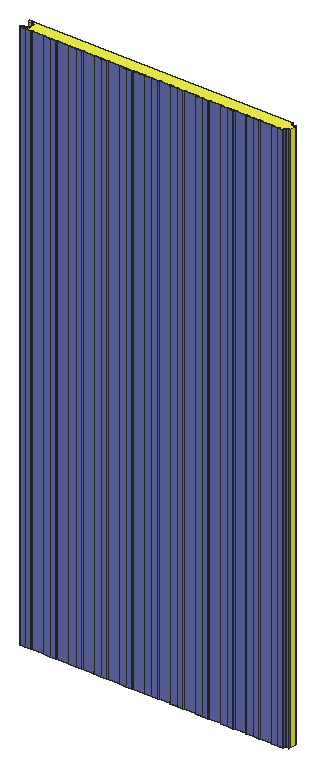
Revit family "ASSAN_1000W_Prefabricated_0,5-0,4_T", category Curtain Panels, Revit 2019
Family settings
  OmniClass Number = 23.25.20.14.11.11.17
  OmniClass Title = Infill Panels
  Always vertical = Yes
  Cut with Voids When Loaded = No
  Shared = No
Parameters (values of type "ASSAN_1000W_Prefabricated_0,5-0,4_T50")
  width  (mm) = "1000-1149"  # constant formula
  minimum size  (m) = "3"  # constant formula
  maximum size (m) = "Depends on shipping conditions"  # constant formula
  Water absorption (EN ISO 354) = "By Volume 2%  (168 hours)"  # constant formula
  Water Vapor Diffusion (EN 12086) = ""
  Version number = "Assan_1000_W_Prefabricated"  # constant formula
  Vapor Diffusion Resistance (EN 12086) = "30-100"  # constant formula
  Uniformat II Description = ""
  Uniformat II Code = ""
  Uniclass 2015 Name = "Structural insulated wall panels"
  Uniclass 2015 Code = "Pr_20_93_85_84"
  Uniclass 2.0 Description = "Structural insulated wall panels"
  Uniclass 2.0 Code = "Pr_20_93_85_84"
  Uniclass 1.4 Description = ""
  Uniclass 1.4 Code = ""
  URL = "https://www.assanpanel.com.tr/en/"
  UNSPSC Code = ""
  Type Comments = "Prepainted Galvanized Steel Structure"  # constant formula
  Thicknes = 50 mm
  Temperature Resistance = "-200 /+110 ºC"  # constant formula
  Technical description = "https://www.assanpanel.com.tr/en/urunler/sandvic-paneller/cephe-panelleri/w-prefabrik"
  Sound insulation Rw[Db]≥ = ""
  Rockwool Density (kg/m3) = ""
  Production Site = "İstanbul-İskenderun"  # constant formula
  Painted Type = Plastisol : Plastisol
  Metal Sheet Type = Galvanized : Galvanized
  Internal Colour = RAL 6050
  Internal  Metal Thickness = 0,3 : 0,3
  Insulation Core Material = Assan PUR : Assan PUR
  Hot Dip Coating Quantity(EN 10327) (gr/m2) = Z70 : Z70
  Flammability Class (EN 13501) = "B. S2 . d0"  # constant formula
  Finish = "ASSAN IPN"
  External Metal Thickness = 0,3 : 0,3
  External Colour = RAL 5010
  Region = "ALL"  # constant formula
  Ral Code = "All colors available.Please enter the desired color code\r\n\r\n@  :  7032"
  QR code = "https://www.assanpanel.com.tr/en/urunler/sandvic-paneller/cephe-panelleri/w-prefabrik"
  Product group = "Insulated Panels"  # constant formula
  Product family = "Wall Panel"  # constant formula
  Product data url = "https://www.assanpanel.com.tr/-/media/files/pdf/urunler/sandivic-paneller/cephe-paneli/en/w-prefabrik.ashx"
  Product certification = "https://www.assanpanel.com.tr/en/kutuphane/sertifikalarimiz"
  Polyurethane Density (EN 1602  (kg/m3) = "40 (±2)"  # constant formula
  Panel orientation = "Wall-  panel vertical"  # constant formula
  OmniClass Description = ""
  OmniClass Code = ""
  NBS Reference Description = "Insulated Wall"
  NBS Reference Code = "60-88-84"
  Model name = "ASSAN_1000_W-Prefabricated"  # constant formula
  Masterformat 2014 Description = ""
  Masterformat 2014 Code = ""
  Manufacturer name = "Assan Panel San. ve Tic. A.Ş."  # constant formula
  Manufacturer country = "TURKEY"  # constant formula
  Manufacturer = "Assan Panel San. ve Tic. A.Ş."  # constant formula
  Installation instructions = "https://www.assanpanel.com.tr/en/urunler/sandvic-paneller/cephe-panelleri/w-prefabrik"
  IFC Classification = "Building Element"
  Heat Transmission Coefficient λ (EN 13165) (W/Mk) = "0,022-0,024"  # constant formula
  Dimensional Stability (EN 13165) = "Level DS (TH) 11"  # constant formula
  Design country = "ISTANBUL"  # constant formula
  Date of publishing = "001"  # constant formula
  Construction Type = "1000_W_Prefabricated"
  Closed cell ratio (EN 14509) = "0,95"  # constant formula
  COBIe Type Category = ""
  BIMobject category = "Insulated panel"
Types (3, lengths in mm): name | Thicknes
  (no name) | 50
  ASSAN_1000W_Prefabricated_0,5-0,4_T40 | 40
  ASSAN_1000W_Prefabricated_0,5-0,4_T50 | 50
Reference planes
  plane 1 "Center (Front/Back)": y = 0
  plane 2: z = 0
  plane 3 "Center (Left/Right)": x = 0
  plane 4 "Left": x = -500
  plane 5 "Right": x = 500
  plane 6 "Top": z = 2100
  plane 7: y = -50
Text (mm)
  text "Exterior" at (-2351.972, 1416.179, 0), in view "Ref. Level"
  text "Exterior" at (0, 2290.741, 4406.713), in view "Left"
  text "Exterior" at (0, 1328.187, 4120.349), in view "Right"
Dimensions and locks
  equal spacing: plane 4 "Left", plane 3 "Center (Left/Right)", plane 5 "Right"
  "Thicknes": plane 7 to plane 1 "Center (Front/Back)"
  aligned and locked: level to plane 2
  aligned and locked: nested 1 to plane 1 "Center (Front/Back)"
  aligned and locked: nested 2 to plane 7
  aligned and locked: nested 2 to plane 4 "Left"
  aligned and locked: nested 1 to plane 4 "Left"
  aligned and locked: nested 1 to plane 2
  aligned and locked: nested 2 to plane 6 "Top"
  aligned and locked: nested 1 to plane 6 "Top"
  aligned and locked: plane 1 "Center (Front/Back)" to nested 3
  aligned and locked: plane 4 "Left" to nested 3
  aligned and locked: nested 3 to plane 6 "Top"
Nested families
  nested 1: "1000W_Prefabricated_T" at (6.263, 0, 0), type "1000W_Prefabricated_T"
    with H 2100 mm
  nested 2: "1000W_Prefabricated_B" at (8.45, -50, 0), type "1000W_Prefabricated_B"
    with H 2100 mm
  nested 3: "Assan PUR" at (13.596, 0, 0), type <- "Insulation Core Material", type "Assan PUR"
    with H 2100 mm
Definition of nested family "1000W_Prefabricated_T"
  Parameters (values of type "1000W_Prefabricated_T")
    Internal Colour = none
    H [instance] = 2214.315 mm
  Reference planes
    plane 1 "Center (Front/Back)": y = 0
    plane 2: z = 0
    plane 3 "Center (Left/Right)": x = 0
    plane 4: x = -506.263
    plane 5: x = 510.237
    plane 6: z = 2214.315
  Forms (mm)
    Extrusion 1, solid, material <- "Internal Colour"
      sketch origin (2.187, -24.996, 0) x (1, 0, 0) y (0, 1, 0)
        loop
          arc (-505.3, 24.996) -> (-507.527, 24.074) -> (-508.45, 21.846) r 3.15
          line (-508.45, 21.846) -> (-508.45, 19.846)
          arc (-508.45, 19.846) -> (-507.527, 17.619) -> (-505.3, 16.696) r 3.15
          line (-505.3, 16.696) -> (-493.95, 16.696)
          arc (-493.95, 16.696) -> (-491.475, 15.671) -> (-490.45, 13.18) r 3.5
          arc (-490.45, 13.18) -> (-489.425, 10.705) -> (-486.95, 9.68) r 3.5
          line (-486.95, 9.68) -> (-482.511, 9.68) -> (-482.511, 10.48) -> (-486.95, 10.48)
          arc (-486.95, 10.48) -> (-488.859, 11.27) -> (-489.65, 13.196) r 2.7
          arc (-489.65, 13.196) -> (-490.909, 16.237) -> (-493.95, 17.496) r 4.3
          line (-493.95, 17.496) -> (-505.3, 17.496)
          arc (-505.3, 17.496) -> (-506.962, 18.185) -> (-507.65, 19.846) r 2.35
          line (-507.65, 19.846) -> (-507.65, 21.846)
          arc (-507.65, 21.846) -> (-506.962, 23.508) -> (-505.3, 24.196) r 2.35
          line (-505.3, 24.196) -> (471.55, 24.196) -> (489.05, 24.196)
          arc (489.05, 24.196) -> (490.252, 23.698) -> (490.75, 22.496) r 1.7
          line (490.75, 22.496) -> (490.75, 18.746)
          arc (490.75, 18.746) -> (491.717, 16.413) -> (494.05, 15.446) r 3.3
          line (494.05, 15.446) -> (505.3, 15.446)
          arc (505.3, 15.446) -> (507.25, 13.496) -> (505.3, 11.546) r 1.95
          line (505.3, 11.546) -> (498.8, 11.546) -> (498.8, 10.746) -> (505.3, 10.746)
          arc (505.3, 10.746) -> (508.05, 13.496) -> (505.3, 16.246) r 2.75
          line (505.3, 16.246) -> (494.05, 16.246)
          arc (494.05, 16.246) -> (492.282, 16.978) -> (491.55, 18.746) r 2.5
          line (491.55, 18.746) -> (491.55, 22.496)
          arc (491.55, 22.496) -> (490.818, 24.264) -> (489.05, 24.996) r 2.5
          line (489.05, 24.996) -> (471.55, 24.996) -> (-505.3, 24.996)
      from 0 to 2214.315
  Dimensions and locks
    "H": plane 6 to plane 2
    aligned and locked: level to plane 2
    aligned and locked: Extrusion 1 to plane 2
    aligned and locked: plane 6 to Extrusion 1
  Automatic sketch dimensions
    Extrusion 1 sketch curve to Extrusion 1 sketch curve = 0 mm  (x16)
    Extrusion 1 sketch curve to plane 4 = 0 mm
    plane 1 "Center (Front/Back)" to Extrusion 1 sketch curve = 0 mm
    plane 4 to Extrusion 1 sketch curve = 0.8 mm
    Extrusion 1 sketch curve to Extrusion 1 sketch curve = 2.35 mm
    Extrusion 1 sketch curve to Extrusion 1 sketch curve = 11.35 mm
    Extrusion 1 sketch curve to Extrusion 1 sketch curve = 7 mm
    Extrusion 1 sketch curve to Extrusion 1 sketch curve = 4.439 mm
    Extrusion 1 sketch curve to plane 5 = 36.5 mm
    Extrusion 1 sketch curve to Extrusion 1 sketch curve = 17.5 mm
    Extrusion 1 sketch curve to Extrusion 1 sketch curve = 1.7 mm
    Extrusion 1 sketch curve to Extrusion 1 sketch curve = 2.5 mm
    Extrusion 1 sketch curve to Extrusion 1 sketch curve = 4.75 mm
    Extrusion 1 sketch curve to plane 5 = 2.75 mm
    Extrusion 1 sketch curve to Extrusion 1 sketch curve = 2 mm
    Extrusion 1 sketch curve to Extrusion 1 sketch curve = 3.75 mm
    Extrusion 1 sketch curve to Extrusion 1 sketch curve = 1.95 mm
    Extrusion 1 sketch curve to Extrusion 1 sketch curve = 3.5 mm
    Extrusion 1 sketch curve to Extrusion 1 sketch curve = 0.017 mm
    Extrusion 1 sketch curve to Extrusion 1 sketch curve = 2.7 mm
    Extrusion 1 sketch curve to Extrusion 1 sketch curve = 0.8 mm
Definition of nested family "1000W_Prefabricated_B"
  Parameters (values of type "1000W_Prefabricated_B")
    H [instance] = 2214.315 mm
    External Colour = none
  Reference planes
    plane 1 "Center (Front/Back)": y = 0
    plane 2: z = 0
    plane 3 "Center (Left/Right)": x = 0
    plane 4: x = -508.45
    plane 5: x = 508.05
    plane 6: z = 2214.315
  Forms (mm)
    Extrusion 1, solid, material <- "External Colour"
      sketch origin (0, 25.004, 0) x (1, 0, 0) y (0, 1, 0)
        loop
          line (-482.511, -10.487) -> (-482.511, -9.687) -> (-486.95, -9.687)
          arc (-486.95, -9.687) -> (-489.425, -10.712) -> (-490.45, -13.187) r 3.5
          arc (-490.45, -13.187) -> (-491.475, -15.679) -> (-493.95, -16.704) r 3.5
          line (-493.95, -16.704) -> (-505.3, -16.704)
          arc (-505.3, -16.704) -> (-507.527, -17.626) -> (-508.45, -19.854) r 3.15
          line (-508.45, -19.854) -> (-508.45, -21.854)
          arc (-508.45, -21.854) -> (-507.527, -24.081) -> (-505.3, -25.004) r 3.15
          line (-505.3, -25.004) -> (-488.45, -25.004) -> (-465.32, -25.004)
          arc (-465.32, -25.004) -> (-464.499, -24.837) -> (-463.809, -24.363) r 2.1
          arc (-463.809, -24.363) -> (-463.161, -23.733) -> (-462.287, -23.504) r 1.778
          line (-462.287, -23.504) -> (-418.613, -23.504)
          arc (-418.613, -23.504) -> (-417.739, -23.733) -> (-417.091, -24.363) r 1.778
          arc (-417.091, -24.363) -> (-416.401, -24.837) -> (-415.58, -25.004) r 2.1
          line (-415.58, -25.004) -> (-392.45, -25.004) -> (-369.32, -25.004)
          arc (-369.32, -25.004) -> (-368.499, -24.837) -> (-367.809, -24.363) r 2.1
          arc (-367.809, -24.363) -> (-367.161, -23.733) -> (-366.287, -23.504) r 1.778
          line (-366.287, -23.504) -> (-322.613, -23.504)
          arc (-322.613, -23.504) -> (-321.739, -23.733) -> (-321.091, -24.363) r 1.778
          arc (-321.091, -24.363) -> (-320.401, -24.837) -> (-319.58, -25.004) r 2.1
          line (-319.58, -25.004) -> (-296.45, -25.004) -> (-273.32, -25.004)
          arc (-273.32, -25.004) -> (-272.499, -24.837) -> (-271.809, -24.363) r 2.1
          arc (-271.809, -24.363) -> (-271.161, -23.733) -> (-270.287, -23.504) r 1.778
          line (-270.287, -23.504) -> (-226.613, -23.504)
          arc (-226.613, -23.504) -> (-225.739, -23.733) -> (-225.091, -24.363) r 1.778
          arc (-225.091, -24.363) -> (-224.401, -24.837) -> (-223.58, -25.004) r 2.1
          line (-223.58, -25.004) -> (-200.45, -25.004) -> (-177.32, -25.004)
          arc (-177.32, -25.004) -> (-176.499, -24.837) -> (-175.809, -24.363) r 2.1
          arc (-175.809, -24.363) -> (-175.161, -23.733) -> (-174.287, -23.504) r 1.778
          line (-174.287, -23.504) -> (-130.613, -23.504)
          arc (-130.613, -23.504) -> (-129.739, -23.733) -> (-129.091, -24.363) r 1.778
          arc (-129.091, -24.363) -> (-128.401, -24.837) -> (-127.58, -25.004) r 2.1
          line (-127.58, -25.004) -> (-104.45, -25.004) -> (-81.32, -25.004)
          arc (-81.32, -25.004) -> (-80.499, -24.837) -> (-79.809, -24.363) r 2.1
          arc (-79.809, -24.363) -> (-79.161, -23.733) -> (-78.287, -23.504) r 1.778
          line (-78.287, -23.504) -> (-34.613, -23.504)
          arc (-34.613, -23.504) -> (-33.739, -23.733) -> (-33.091, -24.363) r 1.778
          arc (-33.091, -24.363) -> (-32.401, -24.837) -> (-31.58, -25.004) r 2.1
          line (-31.58, -25.004) -> (-8.45, -25.004) -> (14.68, -25.004)
          arc (14.68, -25.004) -> (15.501, -24.837) -> (16.191, -24.363) r 2.1
          arc (16.191, -24.363) -> (16.839, -23.733) -> (17.713, -23.504) r 1.778
          line (17.713, -23.504) -> (61.387, -23.504)
          arc (61.387, -23.504) -> (62.261, -23.733) -> (62.909, -24.363) r 1.778
          arc (62.909, -24.363) -> (63.599, -24.837) -> (64.42, -25.004) r 2.1
          line (64.42, -25.004) -> (87.55, -25.004) -> (110.68, -25.004)
          arc (110.68, -25.004) -> (111.501, -24.837) -> (112.191, -24.363) r 2.1
          arc (112.191, -24.363) -> (112.839, -23.733) -> (113.713, -23.504) r 1.778
          line (113.713, -23.504) -> (157.387, -23.504)
          arc (157.387, -23.504) -> (158.261, -23.733) -> (158.909, -24.363) r 1.778
          arc (158.909, -24.363) -> (159.599, -24.837) -> (160.42, -25.004) r 2.1
          line (160.42, -25.004) -> (183.55, -25.004) -> (206.68, -25.004)
          arc (206.68, -25.004) -> (207.501, -24.837) -> (208.191, -24.363) r 2.1
          arc (208.191, -24.363) -> (208.839, -23.733) -> (209.713, -23.504) r 1.778
          line (209.713, -23.504) -> (253.387, -23.504)
          arc (253.387, -23.504) -> (254.261, -23.733) -> (254.909, -24.363) r 1.778
          arc (254.909, -24.363) -> (255.599, -24.837) -> (256.42, -25.004) r 2.1
          line (256.42, -25.004) -> (279.55, -25.004) -> (302.68, -25.004)
          arc (302.68, -25.004) -> (303.501, -24.837) -> (304.191, -24.363) r 2.1
          arc (304.191, -24.363) -> (304.839, -23.733) -> (305.713, -23.504) r 1.778
          line (305.713, -23.504) -> (349.387, -23.504)
          arc (349.387, -23.504) -> (350.261, -23.733) -> (350.909, -24.363) r 1.778
          arc (350.909, -24.363) -> (351.599, -24.837) -> (352.42, -25.004) r 2.1
          line (352.42, -25.004) -> (375.55, -25.004) -> (398.68, -25.004)
          arc (398.68, -25.004) -> (399.501, -24.837) -> (400.191, -24.363) r 2.1
          arc (400.191, -24.363) -> (400.839, -23.733) -> (401.713, -23.504) r 1.778
          line (401.713, -23.504) -> (445.387, -23.504)
          arc (445.387, -23.504) -> (446.261, -23.733) -> (446.909, -24.363) r 1.778
          arc (446.909, -24.363) -> (447.599, -24.837) -> (448.42, -25.004) r 2.1
          line (448.42, -25.004) -> (471.55, -25.004) -> (489.05, -25.004)
          arc (489.05, -25.004) -> (490.818, -24.272) -> (491.55, -22.504) r 2.5
          line (491.55, -22.504) -> (491.55, -18.754)
          arc (491.55, -18.754) -> (492.282, -16.986) -> (494.05, -16.254) r 2.5
          line (494.05, -16.254) -> (505.3, -16.254)
          arc (505.3, -16.254) -> (508.05, -13.504) -> (505.3, -10.754) r 2.75
          line (505.3, -10.754) -> (498.8, -10.754) -> (498.8, -11.554) -> (505.3, -11.554)
          arc (505.3, -11.554) -> (507.25, -13.504) -> (505.3, -15.454) r 1.95
          line (505.3, -15.454) -> (494.05, -15.454)
          arc (494.05, -15.454) -> (491.717, -16.42) -> (490.75, -18.754) r 3.3
          line (490.75, -18.754) -> (490.75, -22.504)
          arc (490.75, -22.504) -> (490.252, -23.706) -> (489.05, -24.204) r 1.7
          line (489.05, -24.204) -> (471.55, -24.204) -> (448.42, -24.204)
          arc (448.42, -24.204) -> (447.662, -23.955) -> (447.084, -23.407) r 1.816
          arc (447.084, -23.407) -> (446.306, -22.886) -> (445.387, -22.704) r 2.4
          line (445.387, -22.704) -> (401.713, -22.704)
          arc (401.713, -22.704) -> (400.794, -22.886) -> (400.016, -23.407) r 2.4
          arc (400.016, -23.407) -> (399.438, -23.955) -> (398.68, -24.204) r 1.816
          line (398.68, -24.204) -> (375.55, -24.204) -> (352.42, -24.204)
          arc (352.42, -24.204) -> (351.662, -23.955) -> (351.084, -23.407) r 1.816
          arc (351.084, -23.407) -> (350.306, -22.886) -> (349.387, -22.704) r 2.4
          line (349.387, -22.704) -> (305.713, -22.704)
          arc (305.713, -22.704) -> (304.794, -22.886) -> (304.016, -23.407) r 2.4
          arc (304.016, -23.407) -> (303.438, -23.955) -> (302.68, -24.204) r 1.816
          line (302.68, -24.204) -> (279.55, -24.204) -> (256.42, -24.204)
          arc (256.42, -24.204) -> (255.662, -23.955) -> (255.084, -23.407) r 1.816
          arc (255.084, -23.407) -> (254.306, -22.886) -> (253.387, -22.704) r 2.4
          line (253.387, -22.704) -> (209.713, -22.704)
          arc (209.713, -22.704) -> (208.794, -22.886) -> (208.016, -23.407) r 2.4
          arc (208.016, -23.407) -> (207.438, -23.955) -> (206.68, -24.204) r 1.816
          line (206.68, -24.204) -> (183.55, -24.204) -> (160.42, -24.204)
          arc (160.42, -24.204) -> (159.662, -23.955) -> (159.084, -23.407) r 1.816
          arc (159.084, -23.407) -> (158.306, -22.886) -> (157.387, -22.704) r 2.4
          line (157.387, -22.704) -> (113.713, -22.704)
          arc (113.713, -22.704) -> (112.794, -22.886) -> (112.016, -23.407) r 2.4
          arc (112.016, -23.407) -> (111.438, -23.955) -> (110.68, -24.204) r 1.816
          line (110.68, -24.204) -> (87.55, -24.204) -> (64.42, -24.204)
          arc (64.42, -24.204) -> (63.662, -23.955) -> (63.084, -23.407) r 1.816
          arc (63.084, -23.407) -> (62.306, -22.886) -> (61.387, -22.704) r 2.4
          line (61.387, -22.704) -> (17.713, -22.704)
          arc (17.713, -22.704) -> (16.794, -22.886) -> (16.016, -23.407) r 2.4
          arc (16.016, -23.407) -> (15.438, -23.955) -> (14.68, -24.204) r 1.816
          line (14.68, -24.204) -> (-8.45, -24.204) -> (-31.58, -24.204)
          arc (-31.58, -24.204) -> (-32.338, -23.955) -> (-32.916, -23.407) r 1.816
          arc (-32.916, -23.407) -> (-33.694, -22.886) -> (-34.613, -22.704) r 2.4
          line (-34.613, -22.704) -> (-78.287, -22.704)
          arc (-78.287, -22.704) -> (-79.206, -22.886) -> (-79.984, -23.407) r 2.4
          arc (-79.984, -23.407) -> (-80.562, -23.955) -> (-81.32, -24.204) r 1.816
          line (-81.32, -24.204) -> (-104.45, -24.204) -> (-127.58, -24.204)
          arc (-127.58, -24.204) -> (-128.338, -23.955) -> (-128.916, -23.407) r 1.816
          arc (-128.916, -23.407) -> (-129.694, -22.886) -> (-130.613, -22.704) r 2.4
          line (-130.613, -22.704) -> (-174.287, -22.704)
          arc (-174.287, -22.704) -> (-175.206, -22.886) -> (-175.984, -23.407) r 2.4
          arc (-175.984, -23.407) -> (-176.562, -23.955) -> (-177.32, -24.204) r 1.816
          line (-177.32, -24.204) -> (-200.45, -24.204) -> (-223.58, -24.204)
          arc (-223.58, -24.204) -> (-224.338, -23.955) -> (-224.916, -23.407) r 1.816
          arc (-224.916, -23.407) -> (-225.694, -22.886) -> (-226.613, -22.704) r 2.4
          line (-226.613, -22.704) -> (-270.287, -22.704)
          arc (-270.287, -22.704) -> (-271.206, -22.886) -> (-271.984, -23.407) r 2.4
          arc (-271.984, -23.407) -> (-272.562, -23.955) -> (-273.32, -24.204) r 1.816
          line (-273.32, -24.204) -> (-296.45, -24.204) -> (-319.58, -24.204)
          arc (-319.58, -24.204) -> (-320.338, -23.955) -> (-320.916, -23.407) r 1.816
          arc (-320.916, -23.407) -> (-321.694, -22.886) -> (-322.613, -22.704) r 2.4
          line (-322.613, -22.704) -> (-366.287, -22.704)
          arc (-366.287, -22.704) -> (-367.206, -22.886) -> (-367.984, -23.407) r 2.4
          arc (-367.984, -23.407) -> (-368.562, -23.955) -> (-369.32, -24.204) r 1.816
          line (-369.32, -24.204) -> (-392.45, -24.204) -> (-415.58, -24.204)
          arc (-415.58, -24.204) -> (-416.338, -23.955) -> (-416.916, -23.407) r 1.816
          arc (-416.916, -23.407) -> (-417.694, -22.886) -> (-418.613, -22.704) r 2.4
          line (-418.613, -22.704) -> (-462.287, -22.704)
          arc (-462.287, -22.704) -> (-463.206, -22.886) -> (-463.984, -23.407) r 2.4
          arc (-463.984, -23.407) -> (-464.562, -23.955) -> (-465.32, -24.204) r 1.816
          line (-465.32, -24.204) -> (-488.45, -24.204) -> (-505.3, -24.204)
          arc (-505.3, -24.204) -> (-506.962, -23.515) -> (-507.65, -21.854) r 2.35
          line (-507.65, -21.854) -> (-507.65, -19.854)
          arc (-507.65, -19.854) -> (-506.962, -18.192) -> (-505.3, -17.504) r 2.35
          line (-505.3, -17.504) -> (-493.95, -17.504)
          arc (-493.95, -17.504) -> (-490.909, -16.244) -> (-489.65, -13.204) r 4.3
          arc (-489.65, -13.204) -> (-488.859, -11.278) -> (-486.95, -10.487) r 2.7
          line (-486.95, -10.487) -> (-482.511, -10.487)
      from 0 to 2214.315
  Dimensions and locks
    "H": plane 6 to plane 2
    aligned and locked: level to plane 2
    aligned and locked: plane 6 to Extrusion 1
    aligned and locked: Extrusion 1 to plane 2
  Automatic sketch dimensions
    Extrusion 1 sketch curve to Extrusion 1 sketch curve = 0 mm  (x64)
    Extrusion 1 sketch curve to plane 4 = 0 mm
    plane 1 "Center (Front/Back)" to Extrusion 1 sketch curve = 0 mm  (x11)
    plane 4 to Extrusion 1 sketch curve = 0.8 mm
    Extrusion 1 sketch curve to Extrusion 1 sketch curve = 2.35 mm
    Extrusion 1 sketch curve to Extrusion 1 sketch curve = 11.35 mm
    Extrusion 1 sketch curve to Extrusion 1 sketch curve = 5.5 mm
    Extrusion 1 sketch curve to Extrusion 1 sketch curve = 7 mm
    Extrusion 1 sketch curve to Extrusion 1 sketch curve = 4.439 mm
    Extrusion 1 sketch curve to plane 1 "Center (Front/Back)" = 2.607 mm  (x10)
    Extrusion 1 sketch curve to Extrusion 1 sketch curve = 17.018 mm
    Extrusion 1 sketch curve to Extrusion 1 sketch curve = 0.173 mm  (x22)
    Extrusion 1 sketch curve to plane 1 "Center (Front/Back)" = 2.3 mm  (x6)
    Extrusion 1 sketch curve to Extrusion 1 sketch curve = 3.033 mm  (x20)
    plane 1 "Center (Front/Back)" to Extrusion 1 sketch curve = 0.1 mm  (x20)
    Extrusion 1 sketch curve to Extrusion 1 sketch curve = 43.675 mm  (x9)
    Extrusion 1 sketch curve to plane 1 "Center (Front/Back)" = 0.8 mm  (x9)
    Extrusion 1 sketch curve to Extrusion 1 sketch curve = 22.957 mm  (x17)
    Extrusion 1 sketch curve to plane 1 "Center (Front/Back)" = 1.5 mm  (x6)
    Extrusion 1 sketch curve to plane 1 "Center (Front/Back)" = 2.1 mm  (x5)
    Extrusion 1 sketch curve to plane 3 "Center (Left/Right)" = 34.613 mm
    Extrusion 1 sketch curve to plane 3 "Center (Left/Right)" = 8.45 mm
    plane 3 "Center (Left/Right)" to Extrusion 1 sketch curve = 14.507 mm
    Extrusion 1 sketch curve to Extrusion 1 sketch curve = 17.5 mm
    Extrusion 1 sketch curve to Extrusion 1 sketch curve = 1.7 mm
    Extrusion 1 sketch curve to Extrusion 1 sketch curve = 2.5 mm
    Extrusion 1 sketch curve to Extrusion 1 sketch curve = 4.75 mm
    Extrusion 1 sketch curve to plane 5 = 2.75 mm
    plane 1 "Center (Front/Back)" to Extrusion 1 sketch curve = 0.278 mm  (x16)
    Extrusion 1 sketch curve to Extrusion 1 sketch curve = 0.178 mm  (x4)
    Extrusion 1 sketch curve to Extrusion 1 sketch curve = 0.8 mm  (x10)
    Extrusion 1 sketch curve to Extrusion 1 sketch curve = 1.3 mm  (x5)
    Extrusion 1 sketch curve to Extrusion 1 sketch curve = 0.507 mm  (x20)
    Extrusion 1 sketch curve to Extrusion 1 sketch curve = 2 mm
    Extrusion 1 sketch curve to Extrusion 1 sketch curve = 3.75 mm
    Extrusion 1 sketch curve to Extrusion 1 sketch curve = 1.95 mm
    Extrusion 1 sketch curve to Extrusion 1 sketch curve = 3.5 mm
    Extrusion 1 sketch curve to Extrusion 1 sketch curve = 0.017 mm
    Extrusion 1 sketch curve to Extrusion 1 sketch curve = 2.7 mm
Definition of nested family "Assan PUR"
  Parameters (values of type "Assan PUR")
    Thickness = 40 mm
    Insulation Core Material = none
    H [instance] = 2015.173 mm
    Analytic Construction = "<None>"
  Reference planes
    plane 1 "Center (Front/Back)": y = 0
    plane 2: z = 0
    plane 3 "Center (Left/Right)": x = 0
    plane 4: x = 498.929
    plane 5: y = -0.8
    plane 6: y = -40
    plane 7: z = 2015.173
    plane 8: y = -92.402
    plane 9: x = -513.596
    plane 10: y = -39.2
    plane 11: y = -38.2
    plane 12: y = -17
    plane 13: y = -16.2
    plane 14: y = -14.3
    plane 15: y = -30.9
  Forms (mm)
    Extrusion 1, solid, material <- "Insulation Core Material"
      sketch origin (0, 0, 0) x (1, 0, 0) y (0, 1, 0)
        loop
          arc (-510.446, -0.8) -> (-512.107, -1.488) -> (-512.796, -3.15) r 2.35
          line (-512.796, -3.15) -> (-512.796, -5.15)
          arc (-512.796, -5.15) -> (-512.107, -6.812) -> (-510.446, -7.5) r 2.35
          line (-510.446, -7.5) -> (-499.096, -7.5)
          arc (-499.096, -7.5) -> (-496.055, -8.759) -> (-494.796, -11.8) r 4.3
          arc (-494.796, -11.8) -> (-494.011, -13.72) -> (-492.096, -14.517) r 2.7
          line (-492.096, -14.517) -> (-487.657, -14.517) -> (-487.657, -25.483) -> (-492.096, -25.483)
          arc (-492.096, -25.483) -> (-494.005, -26.274) -> (-494.796, -28.183) r 2.7
          arc (-494.796, -28.183) -> (-496.049, -31.235) -> (-499.096, -32.5) r 4.3
          line (-499.096, -32.5) -> (-510.446, -32.5)
          arc (-510.446, -32.5) -> (-512.107, -33.188) -> (-512.796, -34.85) r 2.35
          line (-512.796, -34.85) -> (-512.796, -36.85)
          arc (-512.796, -36.85) -> (-512.124, -38.494) -> (-510.494, -39.199) r 2.35
          line (-510.494, -39.199) -> (-470.46, -39.199)
          arc (-470.46, -39.199) -> (-469.706, -38.95) -> (-469.13, -38.403) r 1.816
          arc (-469.13, -38.403) -> (-468.351, -37.883) -> (-467.433, -37.7) r 2.4
          line (-467.433, -37.7) -> (-423.758, -37.7)
          arc (-423.758, -37.7) -> (-422.84, -37.883) -> (-422.061, -38.403) r 2.4
          arc (-422.061, -38.403) -> (-421.479, -38.954) -> (-420.716, -39.201) r 1.816
          line (-420.716, -39.201) -> (-374.475, -39.201)
          arc (-374.475, -39.201) -> (-373.712, -38.954) -> (-373.13, -38.403) r 1.816
          arc (-373.13, -38.403) -> (-372.351, -37.883) -> (-371.433, -37.7) r 2.4
          line (-371.433, -37.7) -> (-327.758, -37.7)
          arc (-327.758, -37.7) -> (-326.84, -37.883) -> (-326.061, -38.403) r 2.4
          arc (-326.061, -38.403) -> (-325.479, -38.954) -> (-324.716, -39.201) r 1.816
          line (-324.716, -39.201) -> (-278.475, -39.201)
          arc (-278.475, -39.201) -> (-277.712, -38.954) -> (-277.13, -38.403) r 1.816
          arc (-277.13, -38.403) -> (-276.351, -37.883) -> (-275.433, -37.7) r 2.4
          line (-275.433, -37.7) -> (-231.758, -37.7)
          arc (-231.758, -37.7) -> (-230.84, -37.883) -> (-230.061, -38.403) r 2.4
          arc (-230.061, -38.403) -> (-229.487, -38.949) -> (-228.735, -39.199) r 1.816
          line (-228.735, -39.199) -> (-182.466, -39.2)
          arc (-182.466, -39.2) -> (-181.708, -38.952) -> (-181.13, -38.403) r 1.816
          arc (-181.13, -38.403) -> (-180.351, -37.883) -> (-179.433, -37.7) r 2.4
          line (-179.433, -37.7) -> (-135.758, -37.7)
          arc (-135.758, -37.7) -> (-134.84, -37.883) -> (-134.061, -38.403) r 2.4
          arc (-134.061, -38.403) -> (-133.487, -38.949) -> (-132.735, -39.199) r 1.816
          line (-132.735, -39.199) -> (-86.457, -39.199)
          arc (-86.457, -39.199) -> (-85.704, -38.949) -> (-85.13, -38.403) r 1.816
          arc (-85.13, -38.403) -> (-84.351, -37.883) -> (-83.433, -37.7) r 2.4
          line (-83.433, -37.7) -> (-39.758, -37.7)
          arc (-39.758, -37.7) -> (-38.84, -37.883) -> (-38.061, -38.403) r 2.4
          arc (-38.061, -38.403) -> (-37.487, -38.949) -> (-36.735, -39.199) r 1.816
          line (-36.735, -39.199) -> (9.544, -39.199)
          arc (9.544, -39.199) -> (10.296, -38.949) -> (10.87, -38.403) r 1.816
          arc (10.87, -38.403) -> (11.649, -37.883) -> (12.567, -37.7) r 2.4
          line (12.567, -37.7) -> (56.242, -37.7)
          arc (56.242, -37.7) -> (57.16, -37.883) -> (57.939, -38.403) r 2.4
          arc (57.939, -38.403) -> (58.517, -38.952) -> (59.274, -39.2) r 1.816
          line (59.274, -39.2) -> (105.534, -39.2)
          arc (105.534, -39.2) -> (106.292, -38.952) -> (106.87, -38.403) r 1.816
          arc (106.87, -38.403) -> (107.649, -37.883) -> (108.567, -37.7) r 2.4
          line (108.567, -37.7) -> (152.242, -37.7)
          arc (152.242, -37.7) -> (153.16, -37.883) -> (153.939, -38.403) r 2.4
          arc (153.939, -38.403) -> (154.517, -38.952) -> (155.274, -39.2) r 1.816
          line (155.274, -39.2) -> (201.534, -39.2)
          arc (201.534, -39.2) -> (202.292, -38.952) -> (202.87, -38.403) r 1.816
          arc (202.87, -38.403) -> (203.649, -37.883) -> (204.567, -37.7) r 2.4
          line (204.567, -37.7) -> (248.242, -37.7)
          arc (248.242, -37.7) -> (249.16, -37.883) -> (249.939, -38.403) r 2.4
          arc (249.939, -38.403) -> (250.517, -38.952) -> (251.274, -39.2) r 1.816
          line (251.274, -39.2) -> (297.534, -39.2)
          arc (297.534, -39.2) -> (298.292, -38.952) -> (298.87, -38.403) r 1.816
          arc (298.87, -38.403) -> (299.649, -37.883) -> (300.567, -37.7) r 2.4
          line (300.567, -37.7) -> (344.242, -37.7)
          arc (344.242, -37.7) -> (345.16, -37.883) -> (345.939, -38.403) r 2.4
          arc (345.939, -38.403) -> (346.522, -38.955) -> (347.287, -39.201) r 1.816
          line (347.287, -39.201) -> (393.521, -39.201)
          arc (393.521, -39.201) -> (394.286, -38.955) -> (394.87, -38.403) r 1.816
          arc (394.87, -38.403) -> (395.649, -37.883) -> (396.567, -37.7) r 2.4
          line (396.567, -37.7) -> (440.242, -37.7)
          arc (440.242, -37.7) -> (441.16, -37.883) -> (441.939, -38.403) r 2.4
          arc (441.939, -38.403) -> (442.522, -38.955) -> (443.287, -39.201) r 1.816
          line (443.287, -39.201) -> (483.904, -39.2)
          arc (483.904, -39.2) -> (485.106, -38.702) -> (485.604, -37.5) r 1.7
          line (485.604, -37.5) -> (485.604, -33.75)
          arc (485.604, -33.75) -> (486.571, -31.417) -> (488.904, -30.45) r 3.3
          line (488.904, -30.45) -> (500.154, -30.45)
          arc (500.154, -30.45) -> (501.533, -29.879) -> (502.104, -28.5) r 1.95
          line (502.104, -28.5) -> (502.104, -11.5)
          arc (502.104, -11.5) -> (501.533, -10.121) -> (500.154, -9.55) r 1.95
          line (500.154, -9.55) -> (488.904, -9.55)
          arc (488.904, -9.55) -> (486.571, -8.583) -> (485.604, -6.25) r 3.3
          line (485.604, -6.25) -> (485.604, -2.5)
          arc (485.604, -2.5) -> (485.106, -1.298) -> (483.904, -0.8) r 1.7
          line (483.904, -0.8) -> (-510.446, -0.8)
      from 0 to 2015.173
  Dimensions and locks
    locked: plane 1 "Center (Front/Back)" to plane 5 at 0.8
    "Thickness": plane 6 to plane 1 "Center (Front/Back)"
    "H": plane 2 to plane 7
    locked: plane 6 to plane 10 at 0.8
    locked: plane 10 to plane 11 at 1
    locked: plane 5 to plane 1 "Center (Front/Back)" at 0.8
    locked: plane 13 to plane 1 "Center (Front/Back)" at 16.2
    locked: plane 12 to plane 1 "Center (Front/Back)" at 17
    locked: plane 15 to plane 11 at 7.3
    locked: plane 14 to plane 11 at 23.9
    aligned and locked: level to plane 2
    aligned and locked: Extrusion 1 to plane 2
    aligned and locked: plane 7 to Extrusion 1
  Automatic sketch dimensions
    Extrusion 1 sketch curve to plane 5 = 0 mm
    plane 10 to Extrusion 1 sketch curve = 0 mm  (x5)
    plane 10 to Extrusion 1 sketch curve = 0.001 mm  (x4)
    Extrusion 1 sketch curve to plane 9 = 0.8 mm  (x2)
    Extrusion 1 sketch curve to plane 10 = 0 mm
    Extrusion 1 sketch curve to plane 9 = 3.102 mm
    Extrusion 1 sketch curve to plane 15 = 1.6 mm
    Extrusion 1 sketch curve to plane 9 = 3.15 mm  (x3)
    plane 11 to Extrusion 1 sketch curve = 1.35 mm
    Extrusion 1 sketch curve to plane 5 = 6.7 mm
    Extrusion 1 sketch curve to Extrusion 1 sketch curve = 11.35 mm  (x2)
    plane 15 to Extrusion 1 sketch curve = 2.7 mm
    Extrusion 1 sketch curve to Extrusion 1 sketch curve = 7 mm  (x2)
    plane 13 to Extrusion 1 sketch curve = 1.683 mm
    Extrusion 1 sketch curve to Extrusion 1 sketch curve = 4.439 mm
    plane 11 to Extrusion 1 sketch curve = 0.807 mm  (x20)
    Extrusion 1 sketch curve to Extrusion 1 sketch curve = 17.018 mm
    Extrusion 1 sketch curve to Extrusion 1 sketch curve = 0.178 mm
    plane 6 to Extrusion 1 sketch curve = 0.1 mm  (x20)
    Extrusion 1 sketch curve to Extrusion 1 sketch curve = 3.027 mm
    Extrusion 1 sketch curve to Extrusion 1 sketch curve = 43.675 mm  (x9)
    Extrusion 1 sketch curve to Extrusion 1 sketch curve = 3.042 mm  (x3)
    Extrusion 1 sketch curve to Extrusion 1 sketch curve = 0.164 mm  (x4)
    Extrusion 1 sketch curve to Extrusion 1 sketch curve = 45.914 mm  (x8)
    plane 11 to Extrusion 1 sketch curve = 0.5 mm  (x5)
    Extrusion 1 sketch curve to Extrusion 1 sketch curve = 3.206 mm  (x4)
    Extrusion 1 sketch curve to plane 10 = 0.001 mm  (x3)
    Extrusion 1 sketch curve to Extrusion 1 sketch curve = 3.024 mm  (x3)
    Extrusion 1 sketch curve to Extrusion 1 sketch curve = 0.182 mm  (x5)
    Extrusion 1 sketch curve to plane 3 "Center (Left/Right)" = 39.758 mm
    Extrusion 1 sketch curve to Extrusion 1 sketch curve = 3.023 mm  (x2)
    plane 3 "Center (Left/Right)" to Extrusion 1 sketch curve = 9.361 mm
    Extrusion 1 sketch curve to Extrusion 1 sketch curve = 0.173 mm  (x7)
    Extrusion 1 sketch curve to Extrusion 1 sketch curve = 3.033 mm  (x4)
    Extrusion 1 sketch curve to Extrusion 1 sketch curve = 3.046 mm  (x2)
    Extrusion 1 sketch curve to Extrusion 1 sketch curve = 0.16 mm  (x2)
    Extrusion 1 sketch curve to plane 4 = 15.024 mm  (x2)
    plane 11 to Extrusion 1 sketch curve = 0.7 mm
    Extrusion 1 sketch curve to Extrusion 1 sketch curve = 1.7 mm
    Extrusion 1 sketch curve to Extrusion 1 sketch curve = 3.3 mm  (x2)
    plane 4 to Extrusion 1 sketch curve = 1.226 mm  (x2)
    Extrusion 1 sketch curve to Extrusion 1 sketch curve = 1.95 mm
    Extrusion 1 sketch curve to plane 10 = 1.5 mm  (x3)
    Extrusion 1 sketch curve to plane 6 = 2.3 mm
    Extrusion 1 sketch curve to plane 15 = 2.85 mm
    plane 15 to Extrusion 1 sketch curve = 2.717 mm
    Extrusion 1 sketch curve to Extrusion 1 sketch curve = 2.7 mm  (x2)
    Extrusion 1 sketch curve to Extrusion 1 sketch curve = 4.3 mm
    plane 13 to Extrusion 1 sketch curve = 4.7 mm
    Extrusion 1 sketch curve to Extrusion 1 sketch curve = 0 mm  (x3)
    Extrusion 1 sketch curve to plane 11 = 0.203 mm  (x3)
